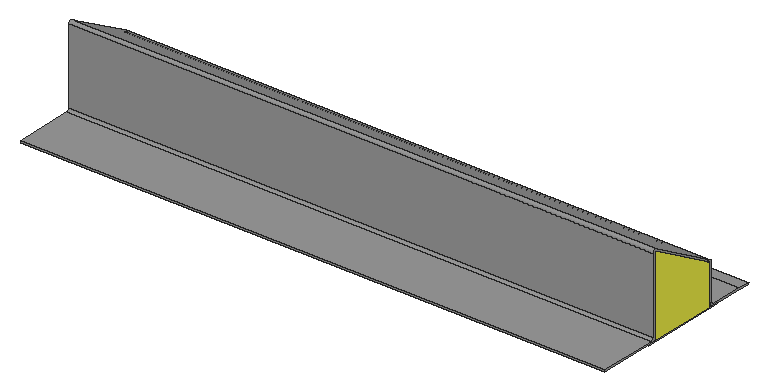
Revit family "HD K 150 WIL", category Generic Models, Revit 2014
Parameters (values of type "Max lintel length 2700mm")
  URL = "http://www.keystonelintels.co.uk"
  Structural Opening [instance] = 900 mm
  Structural Performance = "The Keystone lintel range has safe working loads as detailed in each applicable loading table in the Keystone Lintel Guide brochure. The structural performance figures within each table have been ascertained by testing in accordance with the requirements of standards BS EN 5977-2: 1983 and BS EN 845-2: 2003."
  RIBA Productor Selector = "available for Keystone Lintels Ltd from Keystone Lintels Ltd from ribaproductselector.com"
  Model = "HD/K 150 WIL"
  Min Length = 600 mm
  Min Clear Span = 300 mm
  Max Length = 2700 mm
  Max Clear Span = 2700 mm
  Material - Stainless Steel = "Grade 304 2b 1.4307 to BS EN 10088-2. Other grades available on request: contact manufacturer."
  Material - Galvanised Steel = "To BS EN 10346: 2009. DX51D plus Z600 or grade Z275 to BS 5977-2: 1983 (BS EN 845-2: 2003)."
  Manufacturer = "Keystone"
  Manufactured Length [instance] = (roundup(Effective Length / 150 mm) * 150 mm)  # 1200 mm
  Lintel height [instance] = 2100 mm
  Keynote = "F30/755"
  Fire Performance = "Keystone lintels have been subjected to a fire test (WARRES No. 101263) in accordance with BS 476-20: 1987, at Exova Warrington Fire and achieved a one hour fire performance."
  End Bearing = 150 mm
  Effective Length [instance] = Clear Opening with MIN MAX set + End Bearing * 2  # 1200 mm
  Corrosion = "Keystone’s standard range of lintels are manufactured from high quality grade pre-galvanized carbon steel with a zinc coating of 600"
  Contact Tel = "+44 (0)28 8676 2184"
  Contact Email = "info@keystonelintels.co.uk"
  Clear Opening with MIN MAX set [instance] = if(Structural Opening < Min Clear Span, Min Clear Span, (if(Structural Opening > Max Clear Span, Max Clear Span, Structural Opening)))  # 900 mm
  CPD Information = "Available for Keystone Lintels Ltd from ribacpd.com"
Reference planes
  plane 1 "Center (Front/Back)": y = 0
  plane 2: z = 0
  plane 3 "Center (Left/Right)": x = 0
  plane 4: x = -600
  plane 5: x = 600
  plane 6: z = 2100
  plane 7: x = -450
  plane 8: x = 450
Forms (mm)
  Extrusion 1, solid, material "Steel"
    sketch origin (0, 700.992, -526.741) x (0, 1, 0) y (0, 0, 1)
      loop
        line (-558.049, 2626.741) -> (-533.099, 2625.827) -> (-532.982, 2629.025) -> (-557.991, 2629.941) -> (-622.991, 2629.941)
        arc (-622.991, 2629.941) -> (-626.526, 2631.405) -> (-627.991, 2634.941) r 5
        line (-627.991, 2634.941) -> (-627.991, 2709.953)
        arc (-627.991, 2709.953) -> (-628.686, 2712.552) -> (-630.587, 2714.455) r 5.2
        line (-630.587, 2714.455) -> (-768.192, 2794.044)
        arc (-768.192, 2794.044) -> (-773.392, 2794.044) -> (-775.991, 2789.54) r 5.198
        line (-775.991, 2789.54) -> (-775.991, 2634.941)
        arc (-775.991, 2634.941) -> (-777.455, 2631.405) -> (-780.991, 2629.941) r 5
        line (-780.991, 2629.941) -> (-900.991, 2629.941) -> (-900.991, 2626.741) -> (-780.991, 2626.741)
        arc (-780.991, 2626.741) -> (-775.193, 2629.143) -> (-772.791, 2634.941) r 8.2
        line (-772.791, 2634.941) -> (-772.791, 2789.54)
        arc (-772.791, 2789.54) -> (-771.792, 2791.271) -> (-769.794, 2791.274) r 2
        line (-769.794, 2791.274) -> (-632.189, 2711.685)
        arc (-632.189, 2711.685) -> (-631.458, 2710.953) -> (-631.191, 2709.953) r 2
        line (-631.191, 2709.953) -> (-631.191, 2634.941)
        arc (-631.191, 2634.941) -> (-628.789, 2629.143) -> (-622.991, 2626.741) r 8.2
        line (-622.991, 2626.741) -> (-558.049, 2626.741)
    from -600 to 600
  Extrusion 2, solid, material "Insulation"
    sketch origin (0, 700.992, -526.741) x (0, 1, 0) y (0, 0, 1)
      loop
        line (-631.191, 2634.941) -> (-631.191, 2709.953)
        arc (-631.191, 2709.953) -> (-631.458, 2710.953) -> (-632.189, 2711.685) r 2
        line (-632.189, 2711.685) -> (-769.794, 2791.274)
        arc (-769.794, 2791.274) -> (-771.792, 2791.271) -> (-772.791, 2789.54) r 2
        line (-772.791, 2789.54) -> (-772.791, 2634.941)
        arc (-772.791, 2634.941) -> (-775.193, 2629.143) -> (-780.991, 2626.741) r 8.2
        line (-780.991, 2626.741) -> (-632.268, 2626.741) -> (-632.268, 2634.741) -> (-631.268, 2634.741) -> (-631.268, 2626.741) -> (-622.991, 2626.741)
        arc (-622.991, 2626.741) -> (-628.789, 2629.143) -> (-631.191, 2634.941) r 8.2
    from -600 to 600
  Extrusion 3, solid, material "Steel"
    sketch origin (0, 700.992, -526.741) x (0, 1, 0) y (0, 0, 1)
      loop
        line (-789.268, 2625.741) -> (-614.268, 2625.741) -> (-614.268, 2626.741) -> (-631.268, 2626.741) -> (-631.268, 2634.741) -> (-632.268, 2634.741) -> (-632.268, 2626.741) -> (-789.268, 2626.741) -> (-789.268, 2625.741)
    from -600 to 600
  Extrusion 4, solid, not visible
    sketch origin (0, 940.727, 1232.819) x (0, 1, 0) y (0, 0, 1)
      loop
        line (-558.049, 1026.741) -> (-533.099, 1025.827) -> (-532.982, 1029.025) -> (-557.991, 1029.941) -> (-622.991, 1029.941)
        arc (-622.991, 1029.941) -> (-626.526, 1031.405) -> (-627.991, 1034.941) r 5
        line (-627.991, 1034.941) -> (-627.991, 1109.953)
        arc (-627.991, 1109.953) -> (-628.686, 1112.552) -> (-630.587, 1114.455) r 5.2
        line (-630.587, 1114.455) -> (-768.192, 1194.044)
        arc (-768.192, 1194.044) -> (-773.392, 1194.044) -> (-775.991, 1189.54) r 5.198
        line (-775.991, 1189.54) -> (-775.991, 1034.941)
        arc (-775.991, 1034.941) -> (-777.455, 1031.405) -> (-780.991, 1029.941) r 5
        line (-780.991, 1029.941) -> (-900.991, 1029.941) -> (-900.991, 1026.741) -> (-780.991, 1026.741)
        arc (-780.991, 1026.741) -> (-775.193, 1029.143) -> (-772.791, 1034.941) r 8.2
        line (-772.791, 1034.941) -> (-772.791, 1189.54)
        arc (-772.791, 1189.54) -> (-771.792, 1191.271) -> (-769.794, 1191.274) r 2
        line (-769.794, 1191.274) -> (-632.189, 1111.685)
        arc (-632.189, 1111.685) -> (-631.458, 1110.953) -> (-631.191, 1109.953) r 2
        line (-631.191, 1109.953) -> (-631.191, 1034.941)
        arc (-631.191, 1034.941) -> (-628.789, 1029.143) -> (-622.991, 1026.741) r 8.2
        line (-622.991, 1026.741) -> (-558.049, 1026.741)
    from 0 to 250
  Extrusion 5, solid, not visible
    sketch origin (0, 533.652, 1294.377) x (0, 1, 0) y (0, 0, 1)
      loop
        line (-631.191, 1034.941) -> (-631.191, 1109.953)
        arc (-631.191, 1109.953) -> (-631.458, 1110.953) -> (-632.189, 1111.685) r 2
        line (-632.189, 1111.685) -> (-769.794, 1191.274)
        arc (-769.794, 1191.274) -> (-771.792, 1191.271) -> (-772.791, 1189.54) r 2
        line (-772.791, 1189.54) -> (-772.791, 1034.941)
        arc (-772.791, 1034.941) -> (-775.193, 1029.143) -> (-780.991, 1026.741) r 8.2
        line (-780.991, 1026.741) -> (-632.268, 1026.741) -> (-632.268, 1034.741) -> (-631.268, 1034.741) -> (-631.268, 1026.741) -> (-622.991, 1026.741)
        arc (-622.991, 1026.741) -> (-628.789, 1029.143) -> (-631.191, 1034.941) r 8.2
    from 0 to 250
  Extrusion 6, solid, not visible
    sketch origin (0, 900.792, 994.729) x (0, 1, 0) y (0, 0, 1)
      loop
        line (-789.268, 1025.741) -> (-614.268, 1025.741) -> (-614.268, 1026.741) -> (-631.268, 1026.741) -> (-631.268, 1034.741) -> (-632.268, 1034.741) -> (-632.268, 1026.741) -> (-789.268, 1026.741) -> (-789.268, 1025.741)
    from 0 to 250
Dimensions and locks
  equal spacing: plane 4, plane 3 "Center (Left/Right)", plane 5
  "Manufactured Length": plane 4 to plane 5
  "Lintel height": plane 6 to level
  "Structural Opening": plane 7 to plane 8
  equal spacing: plane 7, plane 3 "Center (Left/Right)", plane 8
  aligned and locked: level to plane 2
  aligned and locked: Extrusion 1 to plane 6
  aligned and locked: Extrusion 2 to plane 6
  aligned and locked: plane 6 to Extrusion 3
  aligned and locked: plane 5 to Extrusion 1
  aligned and locked: Extrusion 1 to plane 4
  aligned and locked: plane 5 to Extrusion 2
  aligned and locked: Extrusion 2 to plane 4
  aligned and locked: plane 5 to Extrusion 3
  aligned and locked: Extrusion 3 to plane 4
Automatic sketch dimensions
  Extrusion 1 sketch curve to Extrusion 1 sketch curve = 24.951 mm
  Extrusion 1 sketch curve to Extrusion 1 sketch curve = 0.117 mm
  Extrusion 1 sketch curve to Extrusion 1 sketch curve = 0.914 mm
  Extrusion 1 sketch curve to Extrusion 1 sketch curve = 0.059 mm
  Extrusion 1 sketch curve to Extrusion 1 sketch curve = 64.941 mm
  Extrusion 1 sketch curve to Extrusion 1 sketch curve = 5 mm  (x2)
  Extrusion 1 sketch curve to Extrusion 1 sketch curve = 0 mm  (x13)
  Extrusion 1 sketch curve to Extrusion 1 sketch curve = 75.012 mm
  Extrusion 1 sketch curve to Extrusion 1 sketch curve = 2 mm
  Extrusion 1 sketch curve to Extrusion 1 sketch curve = 0.999 mm
  Extrusion 1 sketch curve to Extrusion 1 sketch curve = 1.602 mm  (x2)
  Extrusion 1 sketch curve to Extrusion 1 sketch curve = 137.605 mm
  Extrusion 1 sketch curve to Extrusion 1 sketch curve = 79.589 mm
  Extrusion 1 sketch curve to Extrusion 1 sketch curve = 2.77 mm
  Extrusion 1 sketch curve to Extrusion 1 sketch curve = 0.997 mm
  Extrusion 1 sketch curve to Extrusion 1 sketch curve = 1.734 mm
  Extrusion 1 sketch curve to Extrusion 1 sketch curve = 0.002 mm
  Extrusion 1 sketch curve to Extrusion 1 sketch curve = 0.003 mm
  Extrusion 1 sketch curve to Extrusion 1 sketch curve = 3.2 mm
  Extrusion 1 sketch curve to Extrusion 1 sketch curve = 120 mm
  Extrusion 2 sketch curve to Extrusion 2 sketch curve = 8.278 mm
  Extrusion 2 sketch curve to Extrusion 2 sketch curve = 8.2 mm  (x3)
  Extrusion 2 sketch curve to Extrusion 2 sketch curve = 0.078 mm
  Extrusion 2 sketch curve to Extrusion 2 sketch curve = 0 mm  (x3)
  Extrusion 2 sketch curve to Extrusion 2 sketch curve = 0.2 mm
  Extrusion 2 sketch curve to Extrusion 2 sketch curve = 1 mm
  Extrusion 2 sketch curve to Extrusion 2 sketch curve = 75.012 mm
  Extrusion 2 sketch curve to Extrusion 2 sketch curve = 148.722 mm
  Extrusion 2 sketch curve to Extrusion 2 sketch curve = 154.599 mm
  Extrusion 2 sketch curve to Extrusion 2 sketch curve = 2 mm
  Extrusion 2 sketch curve to Extrusion 2 sketch curve = 0.999 mm
  Extrusion 2 sketch curve to Extrusion 2 sketch curve = 2.997 mm
  Extrusion 2 sketch curve to Extrusion 2 sketch curve = 1.734 mm
  Extrusion 3 sketch curve to Extrusion 3 sketch curve = 175 mm
  Extrusion 3 sketch curve to Extrusion 3 sketch curve = 1 mm  (x2)
  Extrusion 3 sketch curve to Extrusion 3 sketch curve = 17 mm
  Extrusion 3 sketch curve to Extrusion 3 sketch curve = 8 mm
  Extrusion 3 sketch curve to Extrusion 3 sketch curve = 0 mm
  Extrusion 4 sketch curve to Extrusion 4 sketch curve = 24.951 mm
  Extrusion 4 sketch curve to Extrusion 4 sketch curve = 0.117 mm
  Extrusion 4 sketch curve to Extrusion 4 sketch curve = 0.914 mm
  Extrusion 4 sketch curve to Extrusion 4 sketch curve = 0.059 mm
  Extrusion 4 sketch curve to Extrusion 4 sketch curve = 64.941 mm
  Extrusion 4 sketch curve to Extrusion 4 sketch curve = 5 mm  (x2)
  Extrusion 4 sketch curve to Extrusion 4 sketch curve = 0 mm  (x13)
  Extrusion 4 sketch curve to Extrusion 4 sketch curve = 75.012 mm
  Extrusion 4 sketch curve to Extrusion 4 sketch curve = 2 mm
  Extrusion 4 sketch curve to Extrusion 4 sketch curve = 0.999 mm
  Extrusion 4 sketch curve to Extrusion 4 sketch curve = 1.602 mm  (x2)
  Extrusion 4 sketch curve to Extrusion 4 sketch curve = 137.605 mm
  Extrusion 4 sketch curve to Extrusion 4 sketch curve = 79.589 mm
  Extrusion 4 sketch curve to Extrusion 4 sketch curve = 2.77 mm
  Extrusion 4 sketch curve to Extrusion 4 sketch curve = 0.997 mm
  Extrusion 4 sketch curve to Extrusion 4 sketch curve = 1.734 mm
  Extrusion 4 sketch curve to Extrusion 4 sketch curve = 0.002 mm
  Extrusion 4 sketch curve to Extrusion 4 sketch curve = 0.003 mm
  Extrusion 4 sketch curve to Extrusion 4 sketch curve = 3.2 mm
  Extrusion 4 sketch curve to Extrusion 4 sketch curve = 120 mm
  Extrusion 5 sketch curve to Extrusion 5 sketch curve = 8.278 mm
  Extrusion 5 sketch curve to Extrusion 5 sketch curve = 8.2 mm  (x3)
  Extrusion 5 sketch curve to Extrusion 5 sketch curve = 0.078 mm
  Extrusion 5 sketch curve to Extrusion 5 sketch curve = 0 mm  (x3)
  Extrusion 5 sketch curve to Extrusion 5 sketch curve = 0.2 mm
  Extrusion 5 sketch curve to Extrusion 5 sketch curve = 1 mm
  Extrusion 5 sketch curve to Extrusion 5 sketch curve = 75.012 mm
  Extrusion 5 sketch curve to Extrusion 5 sketch curve = 148.722 mm
  Extrusion 5 sketch curve to Extrusion 5 sketch curve = 154.599 mm
  Extrusion 5 sketch curve to Extrusion 5 sketch curve = 2 mm
  Extrusion 5 sketch curve to Extrusion 5 sketch curve = 0.999 mm
  Extrusion 5 sketch curve to Extrusion 5 sketch curve = 2.997 mm
  Extrusion 5 sketch curve to Extrusion 5 sketch curve = 1.734 mm
  Extrusion 6 sketch curve to Extrusion 6 sketch curve = 175 mm
  Extrusion 6 sketch curve to Extrusion 6 sketch curve = 1 mm  (x2)
  Extrusion 6 sketch curve to Extrusion 6 sketch curve = 17 mm
  Extrusion 6 sketch curve to Extrusion 6 sketch curve = 8 mm
  Extrusion 6 sketch curve to Extrusion 6 sketch curve = 0 mm
  Extrusion 2 sketch curve to plane 6 = 0 mm
  plane 1 "Center (Front/Back)" to Extrusion 2 sketch curve = 79.999 mm
  Extrusion 1 sketch curve to plane 6 = 0 mm
  plane 1 "Center (Front/Back)" to Extrusion 1 sketch curve = 199.999 mm
  Extrusion 3 sketch curve to plane 6 = 0 mm
  plane 1 "Center (Front/Back)" to Extrusion 3 sketch curve = 88.277 mm
